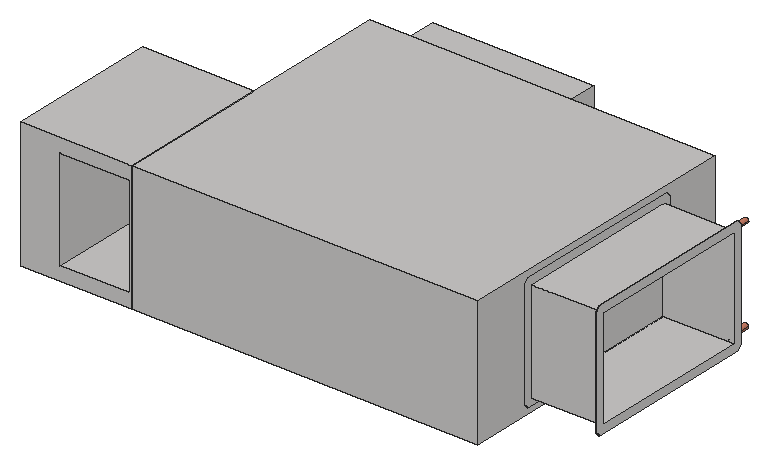
Revit family
Parameters
  Width = 3' - 1"
  Voltage = 208 V
  Unit Weight = if(and(Size Option = 1, Number of Rows = 1), "189.0 lbs", if(and(Size Option = 1, Number of Rows = 2), "192.0 lbs", if(and(Size Option = 2, Number of Rows = 1), "194.0 lbs", if(and(Size Option = 2, Number of Rows = 2), "197.0 lbs", "0"))))  # "189.0 lbs"
  UltraLoc Liner = Choose Liner Option = 3  # no
  URL = "http://www.titus-hvac.com/"
  UL = "181"
  Supply Air Flow [instance] = 0 CFM
  SteriLoc Liner = Choose Liner Option = 2  # no
  Size Option = 1
  Size C = Size Option = 2  # no
  Size B = Size Option = 1  # yes
  Secondary Material = Copper Connectors
  Primary Air Pressure Drop [instance] = 0.00 in-wg
  Primary Air Flow [instance] = 0 CFM
  Pressure [instance] = 0.00 psi
  Plenum Air Pressure Drop [instance] = 0.00 in-wg
  Plenum Air Flow [instance] = 0 CFM
  Outlet Width = 1' - 8 1/2"
  Outlet Height = 1' - 0 1/2"
  Number of Rows = 1
  Number of Poles = 2
  Nominal Width = Width + 0' 6 1/4"  # 3' - 7 1/4"
  Nominal Length = Length + 1' 1 7/8" + 0' 9"  # 5' - 5 7/8"
  Nominal Inlet Size = 0' - 8"
  Nominal Height = 1' - 4"
  NFPA = "90A"
  Motor Full Load Amps [instance] = 0.9 A
  Model = "DTFS-F"
  Min. Air Flow = 0 CFM
  Max. Air Flow = 900 CFM
  Material = Galvanized Steel
  Manufacturer = "Titus"
  Length = 3' - 7"
  Juction Box Offset = 0' - 2 7/8"
  Inlet Diameter = Nominal Inlet Size - 0' 0 1/8"  # 0' - 7 7/8"
  Induced Air Inlet Width = 1' - 1 7/8"
  Induced Air Inlet Offset = (Height - Induced Air Inlet Connection Height) / 2  # 0' - 1 11/16"
  Induced Air Inlet Height = 1' - 7"
  Induced Air Inlet Connection Width = 0' - 8 3/4"
  Induced Air Inlet Connection Height = 1' - 0 5/8"
  Induced Air Filter = no
  Height = 1' - 4"
  Heating Total Capacity [instance] = 0 Btu/h
  Heating Entering Water Temp = 0 °F
  Half Outlet Connection Width = Outlet Width / 2  # 0' - 10 1/4"
  Half Outlet Connection Height = Outlet Height / 2  # 0' - 6 1/4"
  Half Height Start = -(Height / 2)  # -0' - 8"
  Half Height End = Height / 2  # 0' - 8"
  HWC Option = HWC Section : B-C - 1 Row
  HWC Connector Radius = 5/16"
  HP-Motor = "1/6"
  Gallons Per Minute [instance] = 0 GPM
  Frequency = 60 Hz
  Flange Offset = 0' - 1"
  Filter Size = "11\"x14\""
  Fiber Free Liner = Choose Liner Option = 1  # no
  Fan Disconnect Switch = no
  Duct Radius = Nominal Inlet Size / 2  # 0' - 4"
  Description = "Ultra Quiet Series Fan Powered Terminal Unit, Direct Digital Control, Pressure Independent"
  Connector Vertical Offset = 0' - 11 3/4"
  HWC Connector Length = 0' - 3"
  Connector Horizontal Offset = if(Number of Rows = 1, 0' 0", if(Number of Rows = 2, 0' 1", 0' 0"))  # 0' - 0"
  Connection Void Radius = Connection Radius - 0' 0 1/4"  # 0' - 3 11/16"
  Connection Radius = Inlet Diameter / 2  # 0' - 3 15/16"
  Choose Liner Option = 0
  CADworks URL = "www.CADworks.net"
  Assembly Code = "D3040100"
  Apparent Power [instance] = Voltage * Motor Full Load Amps  # 187.2 VA
  Air Inlet Offset = 0' - 6"
  1/2" Fiberglass Liner = Choose Liner Option = 0  # yes
  1" Fiberglass Liner = Choose Liner Option = 4  # no
Reference planes (in)
  plane 1 "Center (Front/Back)": y = 0
  plane 2: z = 0
  plane 3 "Center (Left/Right)": x = 3
  plane 4: x = -18.5
  plane 5: x = 24.5
  plane 6: x = -15.625
  plane 7: x = -21.875
  plane 8: z = 0
  plane 9: y = -18.5
  plane 10: y = 18.5
  plane 11: y = 12.5
  plane 12: z = 0
  plane 13: x = 33.5
  plane 14: x = 32.5
  plane 15: y = 13.25
  plane 16: y = 10.25
  plane 17: z = 5.875
  plane 18: z = -5.875
  plane 19: x = 32.5
  plane 20: y = 24.75
  plane 21: x = -32.375
  plane 22: z = 8
  plane 23: z = -8
Forms (in)
  Extrusion 1, solid, material "Galvanized Steel" <- "Material"
    sketch origin (0, 0, 0) x (1, 0, 0) y (0, 1, 0)
      loop
        line (-18.5, 18.5) -> (-18.5, -18.5) -> (24.5, -18.5) -> (24.5, 18.5) -> (-18.5, 18.5)
    from -8 <- "Half Height Start" to 8 <- "Half Height End"
  Extrusion 2, solid, material "Galvanized Steel" <- "Material"
    sketch origin (0, 0, 0) x (1, 0, 0) y (0, 1, 0)
      loop
        line (-32.375, 0.5) -> (-32.375, -18.5) -> (-18.5, -18.5) -> (-18.5, 0.5) -> (-32.375, 0.5)
    from -8 <- "Half Height Start" to 8 <- "Half Height End"
  Extrusion 3, void
    sketch origin (0, -18.5, 0) x (1, 0, 0) y (0, 0, -1)
      loop
        line (-18.75, 6.3125) -> (-27.5, 6.3125) -> (-27.5, -6.3125) -> (-18.75, -6.3125) -> (-18.75, 6.3125)
    from 0 to 16
  Extrusion 4, solid, material "Galvanized Steel" <- "Material"
    sketch origin (3, 0, 30) x (1, 0, 0) y (0, 1, 0)
      loop
        line (-18.625, 18.5) -> (1.375, 18.5) -> (1.375, 24.75) -> (-18.625, 24.75) -> (-18.625, 18.5)
    from -36 to -24
  Extrusion 5, solid, material "Galvanized Steel" <- "Material"
    sketch origin (-24.875, -2, 0) x (0, 0, -1) y (0, 1, 0)
      loop
        circle (0, 14.5) r 3.9375
    from 3 to 6.375
  Extrusion 6, void
    sketch origin (-24.875, 0, 0) x (0, 1, 0) y (0, 0, 1)
      loop
        circle (12.5, 0) r 3.6875
    from 3 to 9.25
  Extrusion 7, void, detail levels fine
    sketch origin (33.5, -10.25, 6.25) x (0, 0, 1) y (0, -1, 0)
      loop
        line (-12.5, 0) -> (-12.5, -20.5) -> (0, -20.5) -> (0, 0) -> (-12.5, 0)
    from -0.0625 to 0
  Extrusion 8, solid, material "Copper Connectors" <- "Secondary Material", detail levels fine
    sketch origin (0, 0, 0) x (1, 0, 0) y (0, 0, 1)
      loop
        circle (32.5, 5.875) r 0.3125
    from -13.25 to -10.3125
  Extrusion 9, solid, material "Copper Connectors" <- "Secondary Material", detail levels fine
    sketch origin (0, 0, 0) x (1, 0, 0) y (0, 0, 1)
      loop
        circle (32.5, -5.875) r 0.3125
    from -13.25 to -10.3125
Cuts and joins
  Extrusion 3 cuts Extrusion 2
  Extrusion 6 cuts Extrusion 1
  Extrusion 6 cuts Extrusion 5
Dimensions and locks (in)
  "Length": plane 5 to plane 4
  equal spacing: plane 5, plane 3 "Center (Left/Right)", plane 4
  locked: Extrusion 4 to plane 6 at 0
  locked: Extrusion 4 to Extrusion 4 at 20
  "Juction Box Offset": plane 6 to plane 4
  locked: plane 4 to plane 7 at 3.375
  "Width": plane 9 to plane 10
  equal spacing: plane 9, plane 1 "Center (Front/Back)", plane 10
  locked: Extrusion 5 sketch curve to level at 0
  locked: Extrusion 5 sketch curve to plane 11 at 0
  locked: Extrusion 6 sketch curve to level at 0
  locked: Extrusion 6 sketch curve to plane 11 at 0
  locked: Extrusion 4 to Extrusion 4 at 6.25
  locked: Extrusion 4 to Extrusion 4 at 12
  equal spacing: Extrusion 4, plane 8, Extrusion 4
  "Air Inlet Offset": plane 10 to plane 11
  "Induced Air Inlet Height": cut or joined group of Extrusion 2, Extrusion 3 to cut or joined group of Extrusion 2, Extrusion 3
  locked: cut or joined group of Extrusion 5, Extrusion 6 to cut or joined group of Extrusion 5, Extrusion 6 at 3.375
  "Induced Air Inlet Connection Height": Extrusion 3 sketch curve to Extrusion 3 sketch curve
  "Induced Air Inlet Offset": Extrusion 3 sketch curve to cut or joined group of Extrusion 2, Extrusion 3
  "Induced Air Inlet Connection Width": Extrusion 3 sketch curve to Extrusion 3 sketch curve
  locked: Extrusion 3 sketch curve to cut or joined group of Extrusion 1, Extrusion 6 at 0.25
  locked: plane 5 to plane 13 at 9
  locked: plane 14 to plane 13 at 1
  locked: plane 17 to plane 18 at 11.75
  equal spacing: plane 17, plane 12, plane 18
  "Connector Horizontal Offset": plane 19 to plane 14
  "HWC Connector Length": plane 16 to plane 15
  locked: cut or joined group of Extrusion 2, Extrusion 3 to cut or joined group of Extrusion 2, Extrusion 3 at 16
  equal spacing: cut or joined group of Extrusion 2, Extrusion 3, plane 12, cut or joined group of Extrusion 2, Extrusion 3
  locked: cut or joined group of Extrusion 1, Extrusion 6 to cut or joined group of Extrusion 2, Extrusion 3 at 16
  equal spacing: cut or joined group of Extrusion 1, Extrusion 6, plane 12, cut or joined group of Extrusion 1, Extrusion 6
  locked: cut or joined group of Extrusion 2, Extrusion 3 to cut or joined group of Extrusion 2, Extrusion 3 at 13.875
  locked: nested 1 to cut or joined group of Extrusion 1, Extrusion 6 at 1.6875
  locked: cut or joined group of Extrusion 1, Extrusion 6 to nested 1 at 1.6875
  "Connection Radius": radius of Extrusion 5 sketch curve
  "Connection Void Radius": radius of Extrusion 6 sketch curve
  "HWC Connector Radius": radius of Extrusion 8 sketch curve
  "HWC Connector Radius": radius of Extrusion 9 sketch curve
  aligned and locked: plane 10 to Extrusion 4
  aligned and locked: plane 7 to cut or joined group of Extrusion 5, Extrusion 6
  aligned and locked: plane 9 to cut or joined group of Extrusion 2, Extrusion 3  (x3)
  aligned and locked: nested 1 to Extrusion 8
  aligned and locked: plane 15 to Extrusion 8
  aligned and locked: nested 1 to Extrusion 9
  aligned and locked: plane 15 to Extrusion 9
  aligned and locked: plane 5 to cut or joined group of Extrusion 1, Extrusion 6
  aligned and locked: cut or joined group of Extrusion 1, Extrusion 6 to plane 10
  aligned and locked: plane 9 to cut or joined group of Extrusion 1, Extrusion 6
  aligned and locked: cut or joined group of Extrusion 1, Extrusion 6 to plane 4
  aligned and locked: cut or joined group of Extrusion 1, Extrusion 6 to nested 1
  aligned and locked: cut or joined group of Extrusion 5, Extrusion 6 to cut or joined group of Extrusion 1, Extrusion 6
  aligned and locked: cut or joined group of Extrusion 2, Extrusion 3 to cut or joined group of Extrusion 1, Extrusion 6
  aligned and locked: Extrusion 6 to plane 7
  aligned and locked: plane 6 to Extrusion 6
  aligned and locked: plane 22 to cut or joined group of Extrusion 2, Extrusion 3
  aligned and locked: plane 22 to cut or joined group of Extrusion 1, Extrusion 6
  aligned and locked: plane 23 to cut or joined group of Extrusion 2, Extrusion 3
  aligned and locked: plane 23 to cut or joined group of Extrusion 1, Extrusion 6
  aligned and locked: plane 20 to Extrusion 4
  aligned and locked: plane 21 to cut or joined group of Extrusion 2, Extrusion 3
  aligned and locked: plane 13 to nested 1
Automatic sketch dimensions
  Extrusion 1 sketch curve to plane 4 = 0' - 0"
  Extrusion 1 sketch curve to plane 5 = 0' - 0"
  Extrusion 1 sketch curve to plane 9 = 0' - 0"
  Extrusion 1 sketch curve to plane 10 = 0' - 0"
  Extrusion 2 sketch curve to plane 4 = 0' - 0"
  Extrusion 2 sketch curve to plane 9 = 0' - 0"
  Extrusion 2 sketch curve to plane 1 "Center (Front/Back)" = 0' - 0 1/2"
  Extrusion 4 sketch curve to plane 6 = 0' - 0"
  Extrusion 4 sketch curve to plane 10 = 0' - 0"
  plane 3 "Center (Left/Right)" to Extrusion 4 sketch curve = 0' - 1 3/8"
  Extrusion 4 sketch curve to plane 10 = 0' - 6 1/4"
  Extrusion 2 sketch curve to plane 7 = 0' - 10 1/2"
  Extrusion 7 sketch curve to nested 1 = 0' - 0"  (x4)
  Extrusion 8 sketch curve to plane 17 = 0' - 0"
  Extrusion 8 sketch curve to plane 19 = 0' - 0"
  Extrusion 9 sketch curve to plane 14 = 0' - 0"
  Extrusion 9 sketch curve to plane 18 = 0' - 0"
Nested families (in)
  nested 1: "HWC Section" at (29, 0, 0) x (0, 1, 0) z (0, 0, 1), type <- "HWC Option", type "B-C - 1 Row"
Connectors (in)
  electrical at (-5.625, 24.75, 0), driven by "Apparent Power", driven by "Voltage", driven by "Number of Poles"
    settings: on Extrusion 4, index 8
  hvac at (-21.875, 12.5, 0), driven by "Duct Radius", driven by "Primary Air Pressure Drop", driven by "Primary Air Flow"
    settings: on cut or joined group of Extrusion 5, Extrusion 6, index 9
  hvac at (-23.125, -18.5, 0), driven by "Induced Air Inlet Connection Height", driven by "Induced Air Inlet Connection Width", driven by "Plenum Air Pressure Drop", driven by "Plenum Air Flow"
    settings: on cut or joined group of Extrusion 2, Extrusion 3, index 10
  hvac at (33.5, 0, 0), driven by "Outlet Height", driven by "Outlet Width", driven by "Supply Air Flow"
    settings: on Extrusion 7, index 11
  piping at (32.5, 13.25, 5.875), driven by "Gallons Per Minute", driven by "Pressure", driven by "HWC Connector Radius"
    settings: on Extrusion 8, index 12
  piping at (32.5, 13.25, -5.875), driven by "Gallons Per Minute", driven by "HWC Connector Radius", driven by "Pressure"
    settings: on Extrusion 9, index 13
Definition of nested family "HWC Section"
  Parameters (values of type "B-C - 1 Row")
    Visibility = yes
    Secondary Material = Copper Connectors
    Number of Rows = 1
    Material = Galvanized Steel
    Half Width = HWC Width / 2  # 0' - 10 1/4"
    Half Length-Start = -(HWC Length / 2)  # -0' - 4 1/2"
    Half Length-End = HWC Length / 2  # 0' - 4 1/2"
    HWC Connection Radius = 5/16"
    Flange Offset = 0' - 1"
    Duct Vertical Offset = HWC Height - 0' 0 1/2"  # 1' - 0"
    Duct Horizontal Offset = HWC Width - 0' 0 1/2"  # 1' - 8"
    Connector Vertical Offset = 0' - 11 3/4"
    HWC Width = 1' - 8 1/2"
    HWC Height = 1' - 0 1/2"
    HWC Length = 0' - 9"  # constant formula
    Gallons Per Minute = 0 GPM
    Connector Length = 0' - 3"
    Connector Horizontal Offset = 0' - 0"
  Types (5): name | Number of Rows | Half Width | Flange Offset | Duct Vertical Offset | Duct Horizontal Offset | Connector Vertical Offset | HWC Width | HWC Height | Connector Horizontal Offset
    (no name) | 1 | 0' - 10 1/4" | 0' - 1" | 1' - 0" | 1' - 8" | 0' - 11 3/4" | 1' - 8 1/2" | 1' - 0 1/2" | 0' - 0"
    B-C - 1 Row | 1 | 0' - 10 1/4" | 0' - 1" | 1' - 0" | 1' - 8" | 0' - 11 3/4" | 1' - 8 1/2" | 1' - 0 1/2" | 0' - 0"
    B-C - 2 Row | 2 | 0' - 10 1/4" | 0' - 1" | 1' - 0" | 1' - 8" | 0' - 11 3/4" | 1' - 8 1/2" | 1' - 0 1/2" | 0' - 1"
    D-E - 1 Row | 1 | 1' - 0 1/2" | 0' - 1 1/4" | 1' - 5" | 2' - 0 1/2" | 1' - 4 1/4" | 2' - 1" | 1' - 5 1/2" | 0' - 0"
    D-E - 2 Row | 2 | 1' - 0 1/2" | 0' - 1 1/4" | 1' - 5" | 2' - 0 1/2" | 1' - 4 3/4" | 2' - 1" | 1' - 5 1/2" | 0' - 1"
  Reference planes (in)
    plane 1 "Center (Front/Back)": y = 0
    plane 2: z = 0
    plane 3 "Center (Left/Right)": x = 0
    plane 4: x = -10.25
    plane 5: x = 10.25
    plane 6: y = 4.5
    plane 7: y = -4.5
    plane 8: z = 6.25
    plane 9: z = -6.25
    plane 10: z = 5.875
    plane 11: z = -5.875
    plane 12: y = 3.5
    plane 13: y = 3.5
    plane 14: x = 13.25
  Forms (in)
    Extrusion 1, solid, material "Galvanized Steel" <- "Material", visible <- "Visibility"
      sketch origin (0, 0, 0) x (1, 0, 0) y (0, 0, 1)
        loop
          line (-10.3125, 6.3125) -> (-10.3125, -6.3125) -> (10.3125, -6.3125) -> (10.3125, 6.3125) -> (-10.3125, 6.3125)
      from -4.375 <- "Half Length-Start" to 4.5 <- "Half Length-End"
    Extrusion 2, void, detail levels fine
      sketch origin (0, 0, 0) x (1, 0, 0) y (0, 0, 1)
        loop
          line (-10.25, -6.25) -> (10.25, -6.25) -> (10.25, 6.25) -> (-10.25, 6.25) -> (-10.25, -6.25)
      from -4.5 <- "Half Length-Start" to 4.5 <- "Half Length-End"
    Extrusion 3, solid, material "Copper Connectors" <- "Secondary Material", visible <- "Visibility"
      sketch origin (6, 2.625, 0) x (0, 1, 0) y (0, 0, 1)
        loop
          circle (0.875, -5.875) r 0.3125
      from 4.3125 to 7.25
    Extrusion 4, solid, material "Galvanized Steel" <- "Material", visible <- "Visibility"
      sketch origin (0, -4.375, 0) x (1, 0, 0) y (0, 0, 1)
        loop
          line (-10.25, 6.25) -> (-10.25, -6.25) -> (10.25, -6.25) -> (10.25, 6.25) -> (-10.25, 6.25)
        loop
          line (-11.25, 6.75) -> (-11.25, -6.75) -> (-10.75, -7.25) -> (10.75, -7.25) -> (11.25, -6.75) -> (11.25, 6.75) -> (10.75, 7.25) -> (-10.75, 7.25) -> (-11.25, 6.75)
      from 0 to 0.125
    Extrusion 5, solid, material "Copper Connectors" <- "Secondary Material", visible <- "Visibility"
      sketch origin (6, -0.5, 0) x (0, 1, 0) y (0, 0, 1)
        loop
          circle (4, 5.875) r 0.3125
      from 4.3125 to 7.25
    Extrusion 6, solid, material "Galvanized Steel" <- "Material", visible <- "Visibility"
      sketch origin (0, 4.375, 0) x (1, 0, 0) y (0, 0, -1)
        loop
          line (-10.25, -6.25) -> (10.25, -6.25) -> (10.25, 6.25) -> (-10.25, 6.25) -> (-10.25, -6.25)
        loop
          line (-11.25, -6.75) -> (-10.75, -7.25) -> (10.75, -7.25) -> (11.25, -6.75) -> (11.25, 6.75) -> (10.75, 7.25) -> (-10.75, 7.25) -> (-11.25, 6.75) -> (-11.25, -6.75)
      from 0 to 0.125
  Cuts and joins
    Extrusion 2 cuts Extrusion 1
    joined: Extrusion 1, Extrusion 4, Extrusion 6
  Dimensions and locks (in)
    "HWC Width": plane 4 to plane 5
    equal spacing: plane 4, plane 3 "Center (Left/Right)", plane 5
    "HWC Height": plane 8 to plane 9
    equal spacing: plane 8, plane 2, plane 9
    equal spacing: plane 10, plane 2, plane 11
    locked: plane 12 to plane 6 at 1
    "Connector Horizontal Offset": plane 13 to plane 12
    locked: plane 7 to Extrusion 4 at 0.125
    locked: Extrusion 6 to plane 6 at 0.125
    locked: plane 4 to Extrusion 1 sketch curve at 0.0625
    locked: Extrusion 4 to Extrusion 1 sketch curve at 0.0625
    locked: Extrusion 1 sketch curve to plane 8 at 0.0625
    locked: plane 9 to Extrusion 1 sketch curve at 0.0625
    "Connector Length": plane 5 to plane 14
    "HWC Length": plane 6 to plane 7
    equal spacing: plane 6, plane 1 "Center (Front/Back)", plane 7
    "Connector Vertical Offset": plane 10 to plane 11
    equal spacing: plane 10, level, plane 11
    "HWC Width": Extrusion 4 sketch curve to Extrusion 4 sketch curve
    equal spacing: Extrusion 4 sketch curve, plane 3 "Center (Left/Right)", Extrusion 4 sketch curve
    "HWC Height": Extrusion 4 sketch curve to Extrusion 4 sketch curve
    equal spacing: Extrusion 4 sketch curve, plane 2, Extrusion 4 sketch curve
    "Flange Offset": cut or joined group of Extrusion 1, Extrusion 2, Extrusion 4, Extrusion 6 to plane 8
    "Flange Offset": plane 9 to cut or joined group of Extrusion 1, Extrusion 2, Extrusion 4, Extrusion 6
    locked: cut or joined group of Extrusion 1, Extrusion 2, Extrusion 4, Extrusion 6 to plane 4 at 1  (x2)
    locked: cut or joined group of Extrusion 1, Extrusion 2, Extrusion 4, Extrusion 6 to plane 5 at 1  (x2)
    "HWC Width": Extrusion 6 sketch curve to Extrusion 6 sketch curve
    "HWC Height": Extrusion 6 sketch curve to Extrusion 6 sketch curve
    equal spacing: Extrusion 6 sketch curve, plane 3 "Center (Left/Right)", Extrusion 6 sketch curve
    equal spacing: Extrusion 6 sketch curve, plane 2, Extrusion 6 sketch curve
    "HWC Height": Extrusion 2 sketch curve to Extrusion 2 sketch curve
    "HWC Width": Extrusion 2 sketch curve to Extrusion 2 sketch curve
    equal spacing: Extrusion 2 sketch curve, plane 3 "Center (Left/Right)", Extrusion 2 sketch curve
    equal spacing: Extrusion 2 sketch curve, plane 2, Extrusion 2 sketch curve
    locked: plane 5 to Extrusion 3 at 0.0625
    locked: plane 5 to Extrusion 5 at 0.0625
    "Flange Offset": Extrusion 6 sketch curve to plane 8  (x2)
    "Flange Offset": plane 9 to Extrusion 6 sketch curve  (x2)
    "HWC Connection Radius": radius of Extrusion 3 sketch curve
    "HWC Connection Radius": radius of Extrusion 5 sketch curve
    aligned and locked: plane 7 to Extrusion 4
    aligned and locked: plane 6 to Extrusion 6
    aligned and locked: plane 14 to Extrusion 5
    aligned and locked: plane 14 to Extrusion 3
    aligned and locked: Extrusion 6 to cut or joined group of Extrusion 1, Extrusion 2, Extrusion 4, Extrusion 6
    aligned and locked: Extrusion 4 to Extrusion 4
  Automatic sketch dimensions
    Extrusion 3 sketch curve to plane 11 = 0' - 0"
    Extrusion 3 sketch curve to plane 12 = 0' - 0"
    plane 4 to Extrusion 4 sketch curve = 0' - 1"
    plane 4 to Extrusion 4 sketch curve = 0' - 0 1/2"  (x2)
    Extrusion 4 sketch curve to plane 5 = 0' - 0 1/2"  (x2)
    Extrusion 4 sketch curve to Extrusion 4 sketch curve = 0' - 0 1/2"  (x3)
    Extrusion 4 sketch curve to plane 9 = 0' - 0 1/2"  (x2)
    plane 8 to Extrusion 4 sketch curve = 0' - 0 1/2"  (x2)
    Extrusion 5 sketch curve to plane 10 = 0' - 0"
    Extrusion 5 sketch curve to plane 13 = 0' - 0"
    plane 4 to Extrusion 6 sketch curve = 0' - 1"
    plane 4 to Extrusion 6 sketch curve = 0' - 0 1/2"  (x2)
    Extrusion 6 sketch curve to plane 5 = 0' - 0 1/2"  (x2)
    Extrusion 6 sketch curve to Extrusion 6 sketch curve = 0' - 0 1/2"  (x2)
    plane 8 to Extrusion 6 sketch curve = 0' - 0 1/2"  (x2)
    Extrusion 6 sketch curve to plane 9 = 0' - 0 1/2"
